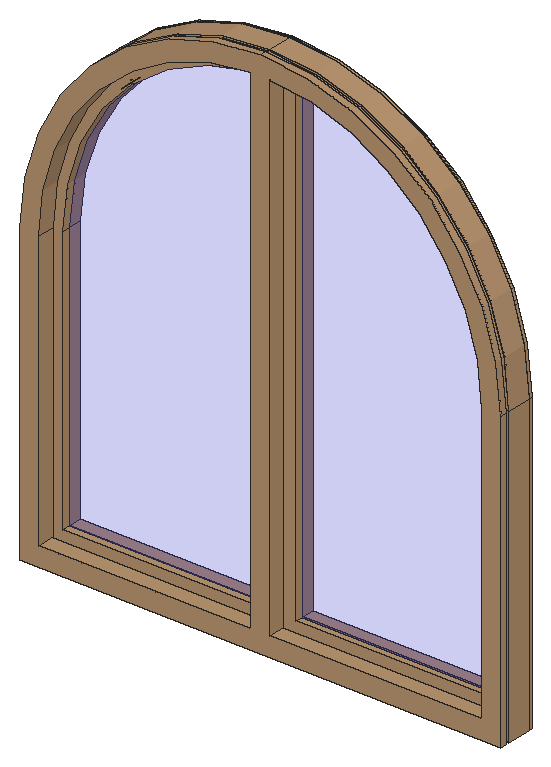
Revit family "WWW_A3-Full-Arch-1248-CHB3", category Windows, host Wall, Revit 2016
Family settings
  Host = Wall
  Always vertical = Yes
  Cut with Voids When Loaded = No
  Shared = No
  Room Calculation Point = No
Parameters (values of type "1248 x 1116 CHB3")
  URL = "www.acdoors.co.za"
  Type Comments = "series iv frame profile"
  Model = "Full Arch"
  Manufacturer Code = "CHB3"
  Manufacturer = "AC Shopfitters (Windows)"
  Height = 1248 mm
  Head height = 2300 mm
  Frame Material = Frame Material
  Default Sill Height = (Head height - Height)  # 1052 mm
  Wall Closure = By host
  Width = 1116 mm
  Assembly Code = "B2020130"
Reference planes
  plane 1 "CL": y = 0
  plane 2 "Center (Left/Right)": x = 0
  plane 3 "Left": x = -558
  plane 4 "Right": x = 558
  plane 5 "Sill": z = 1052
  plane 6 "Head": z = 2300
  plane 7 "Exterior": y = 75
  plane 8 "Interior": y = -75
  plane 9: z = 1784
  plane 10: z = 1418
Forms (mm)
  Sweep 1, solid, material "Frame Material" <- "Frame Material", detail levels medium+fine
    path origin (0, 0, 0) x (1, 0, 0) y (0, 0, 1)
      loop
        line (559.432, 1052) -> (559.432, 1741.189)
        arc (559.432, 1741.189) -> (396.436, 2135.651) -> (2.535, 2299.997) r 558.811
        arc (2.535, 2299.997) -> (-393.706, 2137.06) -> (-558, 1741.379) r 558.621
        line (-558, 1741.379) -> (-558, 1052) -> (559.432, 1052)
    profile "AC 90 x 44 IV : AC 90 x 44 iv" origin (559.432, 0, 1396.594) x (-1, 0, 0) y (0, -1, 0)
      loop
        line (44, 50.2) -> (0, 50.2) -> (0, 35.2) -> (2.991, 35.2) -> (2.991, 25.2) -> (0, 25.2) -> (0, -31.778) -> (2.991, -31.778) -> (2.991, -34.8) -> (0, -34.8) -> (0, -39.8) -> (24, -39.8) -> (32.38, 10.2) -> (44, 10.2) -> (44, 50.2)
  Sweep 2, solid, material "Frame Material" <- "Frame Material", detail levels medium+fine
    path origin (0, 0, 0) x (1, 0, 0) y (0, 0, 1)
      loop
        line (0, 2290) -> (0, 1076)
    profile "AC 90 x 44 IV T : AC 90 x 44" origin (0, 0, 1683) x (1, 0, 0) y (0, -1, 0)
      loop
        line (22, 50.2) -> (-22, 50.2) -> (-22, 10.2) -> (-15.88, 10.2) -> (-7.5, -39.8) -> (7.5, -39.8) -> (15.88, 10.2) -> (22, 10.2) -> (22, 50.2)
  Sweep 3, solid, material "Frame Material" <- "Frame Material", detail levels medium+fine
    path origin (0, 0, 0) x (1, 0, 0) y (0, 0, 1)
      loop
        arc (527.052, 1741.189) -> (378.22, 2107.998) -> (15.88, 2267.399) r 526.432
        line (15.88, 2267.399) -> (15.88, 1084.38) -> (527.052, 1084.38) -> (527.052, 1741.189)
    profile "AC 50 x 44 Base iv : AC 50 x 44 Base" origin (527.052, 0, 1412.784) x (1, 0, 0) y (0, -1, 0)
      loop
        line (0, 10.183) -> (-35.62, 10.183) -> (-35.62, -6.817) -> (-30.62, -6.817) -> (-30.62, -9.817) -> (-35.62, -9.817) -> (-35.62, -39.817) -> (-30.62, -39.817) -> (-30.62, -34.817) -> (-25.62, -34.817) -> (-25.62, -39.817) -> (-1.62, -39.817) -> (-1.62, -49.817) -> (8.38, -49.817) -> (8.38, -46.817) -> (6.349, -46.817) -> (6.349, -44.817) -> (8.38, -44.817) -> (8.38, -39.817) -> (0, 10.183)
  Sweep 4, solid, material "Frame Material" <- "Frame Material", detail levels medium+fine
    path origin (0, 0, 0) x (1, 0, 0) y (0, 0, 1)
      loop
        line (-525.62, 1741.379) -> (-525.62, 1084.38) -> (-15.88, 1084.38) -> (-15.88, 2267.362)
        arc (-15.88, 2267.362) -> (-377.277, 2107.607) -> (-525.62, 1741.379) r 526.241
    profile "AC 50 x 44 Base iv : AC 50 x 44 Base" origin (-525.62, 0, 1412.88) x (1, 0, 0) y (0, -1, 0)
      loop
        line (0, 10.183) -> (-8.38, -39.817) -> (-8.38, -44.817) -> (-6.349, -44.817) -> (-6.349, -46.817) -> (-8.38, -46.817) -> (-8.38, -49.817) -> (1.62, -49.817) -> (1.62, -39.817) -> (25.62, -39.817) -> (25.62, -34.817) -> (30.62, -34.817) -> (30.62, -39.817) -> (35.62, -39.817) -> (35.62, -9.817) -> (30.62, -9.817) -> (30.62, -6.817) -> (35.62, -6.817) -> (35.62, 10.183) -> (0, 10.183)
  Extrusion 5, solid, material "Glass", detail levels medium+fine
    sketch origin (0, 0, 0) x (1, 0, 0) y (0, 0, 1)
      loop
        arc (496.432, 1741.189) -> (367.074, 2075.166) -> (46.5, 2234.873) r 495.811
        line (46.5, 2234.873) -> (46.5, 1115) -> (496.432, 1115) -> (496.432, 1741.189)
    from -9.817 to -6.817
  Extrusion 6, solid, material "Glass", detail levels medium+fine
    sketch origin (0, 0, 0) x (1, 0, 0) y (0, 0, 1)
      loop
        line (-46.5, 1115) -> (-46.5, 2234.755)
        arc (-46.5, 2234.755) -> (-366.118, 2074.76) -> (-495, 1741.379) r 495.621
        line (-495, 1741.379) -> (-495, 1115) -> (-46.5, 1115)
    from -9.817 to -6.817
Cuts and joins
  joined: Sweep 1, Sweep 2
Lines and regions (mm)
  Opening 1
    outline origin (3500, -75, 0) x (1, 0, 0) y (0, 0, 1)
      loop
        line (-2940.568, 1052) -> (-2940.568, 1741.189)
        arc (-2940.568, 1741.189) -> (-3103.564, 2135.651) -> (-3497.465, 2299.997) r 558.811
        arc (-3497.465, 2299.997) -> (-3893.706, 2137.06) -> (-4058, 1741.379) r 558.621
        line (-4058, 1741.379) -> (-4058, 1052) -> (-2940.568, 1052)
  symbolic lines, style "Elevation Swing"
    curve 1: line (501.432, 0, 1808.522) -> (41.5, 0, 1538.831)
    curve 2: line (501.432, 0, 1110) -> (41.5, 0, 1538.831)
    curve 3: line (-500, 0, 1110) -> (-41.5, 0, 1538.779)
    curve 4: line (-41.5, 0, 1538.779) -> (-500, 0, 1808.712)
Text (mm)
  text "EXTERIOR" at (-1963.203, 1332.353, 0), in view "Ref. Level"
  text "INTERIOR" at (-1981.466, -818.386, 0), in view "Ref. Level"
  text "Exterior" at (0, 923.751, 2943.296), in view "Right"
  text "Exterior" at (0, 1040.484, 2685.409), in view "Left"
Dimensions and locks
  equal spacing: plane 3 "Left", plane 2 "Center (Left/Right)", plane 4 "Right"
  "Width": plane 3 "Left" to plane 4 "Right"
  "Height": plane 5 "Sill" to plane 6 "Head"
  locked: plane 7 "Exterior" to host wall at 0
  locked: plane 8 "Interior" to host wall
  "Head height": plane 6 "Head" to level
  equal spacing: plane 9, plane 10, plane 5 "Sill"
  aligned and locked: plane 3 "Left" to Opening 1 sketch curve
  aligned and locked: Sweep 1 sketch curve to host wall  (x3)
  aligned and locked: plane 2 "Center (Left/Right)" to Sweep 2 sketch curve
  aligned and locked: Sweep 2 to Sweep 3 sketch curve
  aligned and locked: Sweep 3 sketch curve to Sweep 1
  aligned and locked: Sweep 2 to Sweep 4 sketch curve
  aligned and locked: Sweep 4 sketch curve to Sweep 1
  aligned and locked: Sweep 3 to Extrusion 5  (x2)
  aligned and locked: Extrusion 5 to Sweep 3  (x2)
  aligned and locked: Extrusion 6 sketch curve to Sweep 4  (x3)
  aligned and locked: Extrusion 6 to Sweep 4  (x2)
  aligned and locked: cut or joined group of Sweep 1, Sweep 2 to Sweep 2 sketch curve
  aligned and locked: Sweep 3 sketch curve to cut or joined group of Sweep 1, Sweep 2
  aligned and locked: Sweep 4 sketch curve to cut or joined group of Sweep 1, Sweep 2
  aligned and locked: Extrusion 5 sketch curve to Sweep 3
  aligned and locked: curve 1 to Sweep 3
  aligned and locked: Sweep 3 to curve 2
  aligned and locked: Sweep 4 to curve 4
  aligned and locked: curve 3 to Sweep 4
  aligned and locked: curve 4 to Sweep 4
Automatic sketch dimensions
  Opening 1 sketch curve to plane 5 "Sill" = 0 mm
  Opening 1 sketch curve to Opening 1 sketch curve = 0.001 mm
  Opening 1 sketch curve to Opening 1 sketch curve = 0.19 mm
  plane 6 "Head" to Opening 1 sketch curve = 0.003 mm
  plane 2 "Center (Left/Right)" to Opening 1 sketch curve = 0.621 mm
  Opening 1 sketch curve to Opening 1 sketch curve = 0 mm
  Sweep 1 sketch curve to Sweep 1 sketch curve = 0.001 mm
  Sweep 1 sketch curve to Sweep 1 sketch curve = 0 mm
  plane 4 "Right" to Extrusion 5 sketch curve = 61.568 mm
  plane 6 "Head" to Extrusion 5 sketch curve = 558.811 mm
  plane 2 "Center (Left/Right)" to Extrusion 5 sketch curve = 0.621 mm
  plane 2 "Center (Left/Right)" to Extrusion 5 sketch curve = 46.5 mm
  plane 6 "Head" to Sweep 2 sketch curve = 10 mm
  Sweep 1 sketch curve to plane 3 "Left" = 0 mm
  plane 2 "Center (Left/Right)" to curve 2 = 41.5 mm
  curve 2 to plane 5 "Sill" = 58 mm
  curve 3 to plane 5 "Sill" = 58 mm
  plane 10 to curve 3 = 120.779 mm
  curve 3 to curve 2 = 0.052 mm
  plane 9 to curve 1 = 24.522 mm
  plane 9 to curve 4 = 24.712 mm
